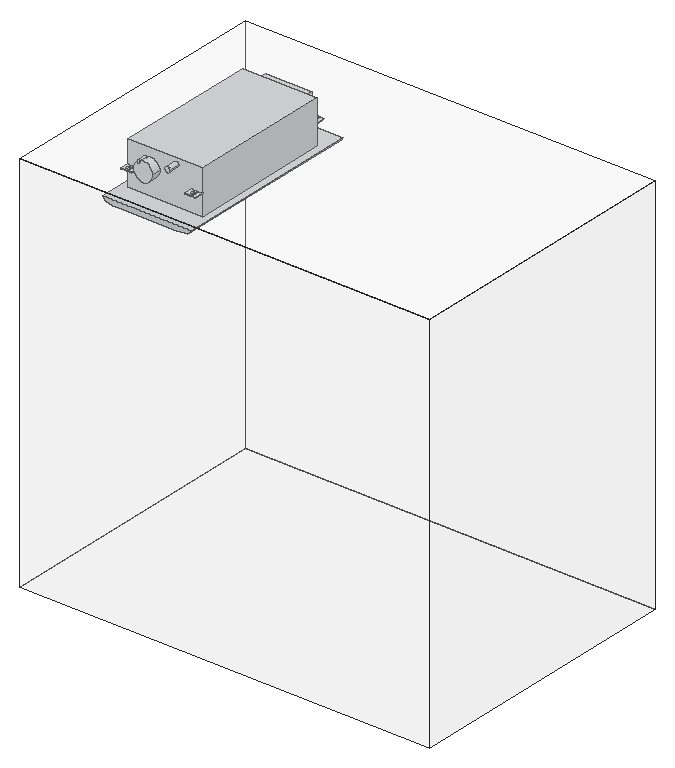
Revit family "pmfy-mp22_45bm_50Hz", category 機械設備, Revit 2019
Family settings
  丸型コネクタ寸法 = 直径を使用
  パーツ タイプ = 標準
  OmniClass 番号 = 23.75.10.24.21.27.27
  OmniClass タイトル = Split System Air Conditioning Units
  作業面ベース = いいえ
  常に垂直 = はい
  ロード時にボイドで切り取り = いいえ
  共有 = いいえ
  部屋計算ポイント = はい
Parameters (values of type "天井1方向_PMFY-MP22BM")
  風量_強 (㎥/min) = 8.7
  風量_弱 (㎥/min) = 6.5
  風量_中2 (㎥/min) = 7.2
  風量_中 (㎥/min) = 8
  風量 = MAX風量  # 522.0 m³/h
  音響パワーレベル_強 (dB) = 50
  音響パワーレベル_弱 (dB) = 43
  音響パワーレベル_中2 (dB) = 45
  音響パワーレベル_中 (dB) = 48
  音響パワーレベル (dB) = [音響パワーレベル_強 (dB)]  # 50
  電源種別 = ""
  電源_H = 0 mm
  電圧 = 200 V
  電動機出力_送風機 = 0.028 kW
  運転質量 = 0.00 kg
  連動 = ""
  質量 = if(製品質量 > 運転質量, 製品質量, 運転質量) * 1.2  # 21.60 kg
  負荷分類 = 3_ファン類
  製品質量_本体 = 15.00 kg
  製品質量_パネル = 3.00 kg
  構成品番 = "PMFY-MP22BM"
  冷媒液管位置-Z = 96 mm
  冷媒液管位置-Y = 43 mm
  冷媒液管位置-X = 254 mm
  冷媒ガス管位置-Z = 176 mm
  冷媒ガス管位置-Y = 46 mm
  冷媒ガス管位置-X = 302 mm
  ドレン管径 (外径) = 26.00 mm
  ドレン管位置-Z = 198 mm
  ドレン管位置-Y = 56 mm
  ドレン管位置-X = 141 mm
  サービススペース = yes
  【値が 0 の項目は組合せ形名にてご確認ください】 = ""
  URL = "https://www.mitsubishielectric.co.jp/ldg/wink/ssl/top.do"
  Panel Width = 1000 mm
  Panel Height = 30 mm
  Panel Depth = 470 mm
  MIN風量 = [風量_弱 (㎥/min)] * 60.0 m³/h  # 390.0 m³/h
  MID風量 = [風量_中 (㎥/min)] * 60.0 m³/h  # 480.0 m³/h
  MID2風量 = [風量_中2 (㎥/min)] * 60.0 m³/h  # 432.0 m³/h
  MAX風量 = [風量_強 (㎥/min)] * 60.0 m³/h  # 522.0 m³/h
  説明 = "ビル用マルチエアコン 室内ユニット 1方向天井カセット形"
  設計暖房能力 = 0.00 kW
  設計冷房能力_顕熱 = 0.00 kW
  設計冷房能力 = 0.00 kW
  設置方法 = "カセット形"
  記号 = ""
  製造元 = "三菱電機株式会社"
  製品質量 = 製品質量_本体 + 製品質量_パネル  # 18.00 kg
  製品出荷対象 = "国内"
  製品リリース年月 = ""
  製品グループ = ""
  系統 = ""
  符号 = "ACP-CK1"
  積算_科目 = "1 空気調和設備"
  積算_拾い区分 [instance] = ""
  相 = 1
  盤記号 = ""
  発停方法 = "付属スイッチ"
  特殊仕様 = ""
  火災停止 = ""
  消費電力_暖房 = 0.035 kW
  消費電力_冷房 = 0.035 kW
  消費電力 = if(消費電力_冷房 > 消費電力_暖房, 消費電力_冷房, 消費電力_暖房)  # 0.035 kW
  法定耐用年数 = "6"
  極数 = 1
  材質 = ""
  本体マテリアル = none
  有効加湿量 = 0
  暖房能力 = 2.50 kW
  推奨ブレーカー容量 = 0 A
  形式_加湿器 = ""
  形式 = "1方向天井カセット形"
  幹線記号 = ""
  始動方式 = "直入"
  呼称 = "パッケージ形空気調和機_室内機"
  周波数 = 50 Hz
  吊り位置Y = 811 mm
  吊り位置X = 340 mm
  吊りボルト_H = 110 mm
  台数_手元リモコン = ""
  台数_冷媒分岐ユニット = ""
  参照している仕様書等のバージョン = "公共建築工事標準仕様書（機械設備工事編）平成31年度版"
  分類コード = "50053003221010"
  分類グループ = ""
  冷房能力 = 2.20 kW
  冷媒管径符号 = "Ac"
  冷媒管径 = 100.00 mm
  冷媒液管径 = 6.35 mm
  冷媒ガス管径 = 12.70 mm
  企業コード = "108420"
  付属品_フィルター = ""
  付属品 = ""
  仕様書バージョン = "Version1.0"
  Model = ""
  パネルマテリアル = none
  ドレン管径 = 20.00 mm
  コメント [instance] = ""
  ケーブル種類 = ""
  ケーブルサイズ = 0 mm
  Width = 812 mm
  Version = ""
  Uniclass2015Version = "Systems v1.9"
  Uniclass2015Title = "Split coil remote air cooled condensing units"
  Uniclass2015Code = "Pr_70_65_03_84"
  SpecificationReference = ""
  SpecificationDescription = ""
  Revision = ""
  ProductInformation = ""
  OmniClassCode = "23-33 17 13 11"
  IfcTypeProduct = ""
  IfcProduct = ""
  IfcExportType = "AIRCONDITIONINGUNIT"
  IfcExportAs = "IfcUnitaryEquipmentType"
  Height = 230 mm
  Depth = 395 mm
  価格 = 0
  Clearance Top = 235 mm
  Clearance Right = 1500 mm
  Clearance Left = 200 mm
  Clearance Front = 300 mm
  Clearance Bottom = 1800 mm
  Clearance Back = 200 mm
  Author = "三菱電機株式会社"
Types (4, lengths in mm): name | 風量_強 (㎥/min) | 風量_弱 (㎥/min) | 風量_中2 (㎥/min) | 風量_中 (㎥/min) | 風量 | 音響パワーレベル_強 (dB) | 音響パワーレベル_弱 (dB) | 音響パワーレベル_中2 (dB) | 音響パワーレベル_中 (dB) | 音響パワーレベル (dB) | 構成品番 | MIN風量 | MID風量 | MID2風量 | MAX風量 | 消費電力_暖房 | 消費電力_冷房 | 消費電力 | 暖房能力 | 冷房能力
  天井1方向_PMFY-MP22BM | 8.7 | 6.5 | 7.2 | 8 | 522.0 m³/h | 50 | 43 | 45 | 48 | 50 | "PMFY-MP22BM" | 390.0 m³/h | 480.0 m³/h | 432.0 m³/h | 522.0 m³/h | 0.035 kW | 0.035 kW | 0.035 kW | 2.50 kW | 2.20 kW
  天井1方向_PMFY-MP28BM | 9.3 | 7.3 | 8 | 8.6 | 558.0 m³/h | 52 | 47 | 48 | 50 | 52 | "PMFY-MP28BM" | 438.0 m³/h | 516.0 m³/h | 480.0 m³/h | 558.0 m³/h | 0.037 kW | 0.037 kW | 0.037 kW | 3.20 kW | 2.80 kW
  天井1方向_PMFY-MP36BM | 9.3 | 7.3 | 8 | 8.6 | 558.0 m³/h | 52 | 47 | 48 | 50 | 52 | "PMFY-MP36BM" | 438.0 m³/h | 516.0 m³/h | 480.0 m³/h | 558.0 m³/h | 0.037 kW | 0.037 kW | 0.037 kW | 4.00 kW | 3.60 kW
  天井1方向_PMFY-MP45BM | 10.7 | 7.7 | 8.7 | 9.7 | 642.0 m³/h | 55 | 49 | 51 | 53 | 55 | "PMFY-MP45BM" | 462.0 m³/h | 582.0 m³/h | 522.0 m³/h | 642.0 m³/h | 0.045 kW | 0.045 kW | 0.045 kW | 5.00 kW | 4.50 kW
Reference planes
  plane 1 "中心(正面/背面)": y = 0
  plane 2: z = 0
  plane 3 "中心(左/右)": x = 0
  plane 4: x = -197.5
  plane 5: x = 197.5
  plane 6: z = 230
  plane 7: y = -379.5
  plane 8: y = 500
  plane 9: y = -500
  plane 10: y = 405.5
  plane 11: y = -405.5
  plane 12: x = -170
  plane 13: x = 170
  plane 14: y = 300
  plane 15: z = 110
  plane 16: y = 700
  plane 17: y = -800
  plane 18: x = 235
  plane 19: x = -235
  plane 20: x = 1735
  plane 21: x = -435
  plane 22: z = -1800
  plane 23: z = 235
  plane 24: z = -30
  plane 25: y = 432.5
  plane 26: x = 56.5
  plane 27: x = -56.5
  plane 28: x = -104.5
  plane 29: y = -422.5
  plane 30: y = -435.5
  plane 31: y = -425.5
  plane 32: z = 198
  plane 33: z = 176
  plane 34: z = 96
  plane 35: z = 150
  plane 36: x = 73.5
Dimensions and locks
  equal spacing: plane 4, plane 3 "中心(左/右)", plane 5
  "Depth": plane 4 to plane 5
  "Height": plane 6 to level
  equal spacing: plane 8, plane 1 "中心(正面/背面)", plane 9
  "Panel Width": plane 8 to plane 9
  equal spacing: plane 11, plane 1 "中心(正面/背面)", plane 10
  "吊り位置Y": plane 11 to plane 10
  equal spacing: plane 12, plane 3 "中心(左/右)", plane 13
  "吊り位置X": plane 12 to plane 13
  "Clearance Back": plane 16 to plane 8
  "Clearance Front": plane 9 to plane 17
  equal spacing: plane 19, plane 3 "中心(左/右)", plane 18
  "Panel Depth": plane 19 to plane 18
  "Clearance Left": plane 21 to plane 19
  "Clearance Bottom": level to plane 22
  "Clearance Top": plane 23 to level
  "Panel Height": level to plane 24
  "Width": plane 7 to plane 25
  "ドレン管位置-X": plane 26 to plane 5
  "冷媒液管位置-X": plane 27 to plane 5
  "冷媒ガス管位置-X": plane 28 to plane 5
  "冷媒液管位置-Y": plane 29 to plane 7
  "ドレン管位置-Y": plane 30 to plane 7
  "冷媒ガス管位置-Y": plane 7 to plane 31
  "ドレン管位置-Z": plane 32 to plane 2
  "冷媒ガス管位置-Z": plane 33 to plane 2
  "冷媒液管位置-Z": plane 34 to plane 2
  "Clearance Right": plane 18 to plane 20
  aligned and locked: level to plane 2
  aligned and locked: nested 2 to plane 12
  aligned and locked: plane 13 to nested 2
  aligned and locked: plane 10 to nested 2
  aligned and locked: plane 11 to nested 2  (x2)
  aligned and locked: nested 2 to plane 10
  aligned and locked: nested 2 to plane 13
  aligned and locked: plane 12 to nested 2
  aligned and locked: nested 3 to plane 16
  aligned and locked: plane 17 to nested 3
  aligned and locked: plane 20 to nested 3
  aligned and locked: nested 3 to plane 21
  aligned and locked: plane 23 to nested 3
  aligned and locked: plane 22 to nested 3
Nested families
  nested 1: "PMFY-P○○BMG7" at (0, 0, 0), type "PMFY-P○○BMG7"
    with ユニット表示 yes
  nested 2: "固定点" at (-170, -405.5, 110), type "固定点"
    with W 340 mm, D 811 mm
  nested 3: "サービススペース" at (650, -50, -782.5), visible <- "サービススペース", type "サービススペース"
    with Width 2170 mm, Height 2035 mm, Depth 1500 mm
Connectors
  electrical at (73.5, 431.602, 150), driven by "極数", driven by "負荷分類", driven by "電圧", driven by "消費電力"
    settings: on nested 1, index 1, voltage 200 V, apparent load 35 VA, apparent load phase1 0 VA, apparent load phase2 0 VA, apparent load phase3 0 VA, power factor 1, load classification "3_ファン類", number of poles 1, system type 30, power factor state 1, is connector primary yes, connector utility no, sub classification motor no, connector description ""
  piping at (-80.5, -425.5, 136), diameter 100, driven by "冷媒管径", driven by "冷媒管径符号"
    settings: on nested 1, index 2, connector inside diameter 609.60 mm, connector length 0 mm, flow factor 0, pipe flow 0.0 L/s, pressure drop 0.0 Pa, fitting loss kfactor 0, connector angle 0.00°, fixture units 0, engagement length 0 mm, angle of deflection 0.00°, flow configuration 1, flow direction 1, fitting loss method 4, system type 7, joint type 0, gender type 0, connector reference index -1, connector utility 0, adjustable connector no, is connector primary yes, connector description "Ac"
  piping at (56.5, -435.5, 198), diameter 26, driven by "ドレン管径 (外径)"
    settings: on nested 1, index 3, connector inside diameter 609.60 mm, connector length 0 mm, flow factor 0, pipe flow 0.0 L/s, pressure drop 0.0 Pa, fitting loss kfactor 0, connector angle 0.00°, fixture units 0, engagement length 0 mm, angle of deflection 0.00°, flow configuration 1, flow direction 2, fitting loss method 4, system type 16, joint type 0, gender type 0, connector reference index -1, connector utility 0, adjustable connector no, is connector primary no, connector description ""
Definition of nested family "PMFY-P○○BMG7"
  Parameters (values of type "PMFY-P○○BMG7")
    配線取出口サイズ = 30 mm
    電線用ノックアウト穴Z = 150 mm
    電線用ノックアウト穴X = 124 mm
    液配管サイズ = 6.35 mm
    冷媒ガス管位置-Z = 176 mm
    パネル外形-X = 470 mm
    パネル外形-Y = 幅さ + 188 mm  # 1000 mm
    高さ = 230 mm
    奥行き = 395 mm
    吊りボルト_H = 110 mm
    冷媒配管 = 100 mm
    冷媒液管位置-Z = 96 mm
    冷媒液管位置-Y = 43 mm
    冷媒液管位置-X = 254 mm
    冷媒ガス管位置-Y = 46 mm
    冷媒ガス管位置-X = 302 mm
    ユニット表示 [instance] = yes
    ボルトピッチ = 340 mm
    ドレン配管サイズ = 20 mm
    ドレン管位置-Z = 198 mm
    ドレン管位置-Y = 56 mm
    ドレン管位置-X = 141 mm
    ドレン管径 (外径) = 26 mm
    ガス配管サイズ = 12.7 mm
    D = 811 mm
    幅さ = 812 mm
  Reference planes
    plane 1 "中心(正面/背面)": y = 0
    plane 2: z = 0
    plane 3 "中心(左/右)": x = 0
    plane 4: y = 500
    plane 5: y = 379.5
    plane 6: y = -500
    plane 7: x = -235
    plane 8: x = 235
    plane 9: x = -197.5
    plane 10: x = 197.5
    plane 11: y = 432.5
    plane 12: y = -379.5
    plane 13: z = 230
    plane 14: y = 405.5
    plane 15: y = -405.5
    plane 16: x = -170
    plane 17: x = 170
    plane 18: z = 110
    plane 19: z = 111
    plane 20: z = 109
    plane 21: y = -435.5
    plane 22: x = 56.5
    plane 23: z = 198
    plane 24: x = -104.5
    plane 25: x = -56.5
    plane 26: y = -422.5
    plane 27: y = -425.5
    plane 28: z = 176
    plane 29: z = 96
    plane 30: x = 73.5
    plane 31: z = 150
    plane 32: y = 425.5
  Forms (mm)
    Extrusion 1, void
      sketch origin (0, 0, -30) x (0, -1, 0) y (1, 0, 0)
        loop
          line (-500, 195) -> (-290, 195) -> (-290, 125)
          arc (-290, 125) -> (-287.071, 117.929) -> (-280, 115) r 10
          line (-280, 115) -> (280, 115)
          arc (280, 115) -> (287.071, 117.929) -> (290, 125) r 10
          line (290, 125) -> (290, 195) -> (497.5, 195) -> (500, 197.5) -> (-500, 197.5) -> (-500, 195)
      from 0 to 8
    Extrusion 2, solid, visible <- "ユニット表示", detail levels fine
      sketch origin (0, 0, -30) x (0, -1, 0) y (1, 0, 0)
        loop
          line (-280, 129.824) -> (280, 129.824) -> (280, 189.824) -> (-280, 189.824) -> (-280, 129.824)
      from 0 to 8
    Extrusion 3, solid, visible <- "ユニット表示", detail levels fine
      sketch origin (0, 0, 0) x (1, 0, 0) y (0, 1, 0)
        loop
          line (-197.5, 379.5) -> (-197.5, -379.5) -> (197.5, -379.5) -> (197.5, 379.5) -> (-197.5, 379.5)
      from 0 to 230
    Extrusion 4, solid, visible <- "ユニット表示", detail levels fine
      sketch origin (0, 0, 0) x (1, 0, 0) y (0, 0, 1)
        loop
          circle (-80.5, 136) r 50
      from 379.5 to 425.5
    Extrusion 5, solid, visible <- "ユニット表示", detail levels fine
      sketch origin (0, 0, 0) x (1, 0, 0) y (0, 0, 1)
        loop
          circle (-104.5, 176) r 6.35
      from 425.5 to 379.5
    Extrusion 6, solid, visible <- "ユニット表示", detail levels fine
      sketch origin (0, 0, 0) x (1, 0, 0) y (0, 0, 1)
        loop
          circle (-56.5, 96) r 3.175
      from 422.5 to 379.5
    Extrusion 7, solid, visible <- "ユニット表示", detail levels fine
      sketch origin (0, 0, 0) x (1, 0, 0) y (0, 0, 1)
        loop
          circle (73.5, 150) r 15
      from -432.5 to -431.602
    Extrusion 8, solid, visible <- "ユニット表示", detail levels fine
      sketch origin (0, 0, 0) x (1, 0, 0) y (0, 0, 1)
        loop
          circle (56.5, 198) r 13
      from 379.5 to 435.5
    Extrusion 9, solid, visible <- "ユニット表示", detail levels fine
      sketch origin (0, 0, 0) x (1, 0, 0) y (0, 1, 0)
        loop
          line (-142, -425.5) -> (-142, -379.5) -> (-198, -379.5) -> (-198, -425.5) -> (-174, -425.5) -> (-174, -415.5)
          arc (-174, -415.5) -> (-183.963, -405.481) -> (-173.963, -395.5) r 10
          line (-173.963, -395.5) -> (-166.009, -395.5)
          arc (-166.009, -395.5) -> (-156.009, -405.496) -> (-166, -415.5) r 10
          line (-166, -415.5) -> (-166, -425.5) -> (-142, -425.5)
        loop
          line (142, -379.5) -> (142, -425.5) -> (166, -425.5) -> (166, -415.5)
          arc (166, -415.5) -> (156.009, -405.496) -> (166.009, -395.5) r 10
          line (166.009, -395.5) -> (173.963, -395.5)
          arc (173.963, -395.5) -> (183.963, -405.481) -> (174, -415.5) r 10
          line (174, -415.5) -> (174, -425.5) -> (198, -425.5) -> (198, -379.5) -> (142, -379.5)
        loop
          line (-142, 379.5) -> (-142, 425.5) -> (-166, 425.5) -> (-166, 415.5)
          arc (-166, 415.5) -> (-156.009, 405.496) -> (-166.009, 395.5) r 10
          line (-166.009, 395.5) -> (-173.963, 395.5)
          arc (-173.963, 395.5) -> (-183.963, 405.481) -> (-174, 415.5) r 10
          line (-174, 415.5) -> (-174, 425.5) -> (-198, 425.5) -> (-198, 379.5) -> (-142, 379.5)
        loop
          line (142, 425.5) -> (142, 379.5) -> (198, 379.5) -> (198, 425.5) -> (174, 425.5) -> (174, 415.5)
          arc (174, 415.5) -> (183.963, 405.481) -> (173.963, 395.5) r 10
          line (173.963, 395.5) -> (166.009, 395.5)
          arc (166.009, 395.5) -> (156.009, 405.496) -> (166, 415.5) r 10
          line (166, 415.5) -> (166, 425.5) -> (142, 425.5)
      from 109 to 111
    Extrusion 10, solid, visible <- "ユニット表示", detail levels fine
      sketch origin (0, 0, 0) x (1, 0, 0) y (0, 0, 1)
        loop
          line (-149.931, -30) -> (158.916, -30)
          arc (158.916, -30) -> (178.298, -28.765) -> (197.5, -25.851) r 223.291
          arc (197.5, -25.851) -> (205.218, -24.191) -> (212.873, -22.259) r 223.291
          arc (212.873, -22.259) -> (224.339, -16.257) -> (232.21, -5.984) r 30
          line (232.21, -5.984) -> (235, 0) -> (-235, 0) -> (-232.21, -5.984)
          arc (-232.21, -5.984) -> (-224.339, -16.257) -> (-212.873, -22.259) r 30
          arc (-212.873, -22.259) -> (-181.678, -28.376) -> (-149.931, -30) r 223.291
      from -500 to 500
    Extrusion 11, solid, visible <- "ユニット表示", detail levels fine
      sketch origin (0, 0, 0) x (1, 0, 0) y (0, 0, 1)
        loop
          line (-118.5, 210) -> (-118.5, 0) -> (128.5, 0) -> (128.5, 210) -> (-118.5, 210)
      from -432.5 to -379.5
  Cuts and joins
    Extrusion 1 cuts Extrusion 10
  Lines and regions (mm)
    model lines, visible <- "ユニット表示", detail levels fine
      curve 1: line (115, -280, -30) -> (115, 0, -30)
      curve 2: line (95, -500, -30) -> (95, 500, -30)
      curve 3: line (80, 500, -30) -> (80, -500, -30)
      curve 4: line (65, 500, -30) -> (65, -500, -30)
      curve 5: line (50, 500, -30) -> (50, -500, -30)
      curve 6: line (35, 500, -30) -> (35, -500, -30)
      curve 7: line (20, 500, -30) -> (20, -500, -30)
      curve 8: line (-134.931, -500, -30) -> (-134.931, 500, -30)
      curve 9: line (-119.931, -500, -30) -> (-119.931, 500, -30)
      curve 10: line (-104.931, -500, -30) -> (-104.931, 500, -30)
      curve 11: line (-119.931, 500, -30) -> (-119.931, -500, -30)
      curve 12: line (-89.931, -500, -30) -> (-89.931, 500, -30)
      curve 13: line (-74.931, -500, -30) -> (-74.931, 500, -30)
    symbolic lines, detail levels coarse+medium
      curve 14: line (-235, 500, 0) -> (235, 500, 0)
      curve 15: line (-235, -500, 0) -> (-235, 500, 0)
      curve 16: line (235, -500, 0) -> (-235, -500, 0)
      curve 17: line (235, 500, 0) -> (235, -500, 0)
  Dimensions and locks
    equal spacing: plane 4, plane 1 "中心(正面/背面)", plane 6
    "パネル外形-Y": plane 4 to plane 6
    equal spacing: plane 9, plane 3 "中心(左/右)", plane 10
    "奥行き": plane 9 to plane 10
    "パネル外形-X": plane 7 to plane 8
    "幅さ": plane 11 to plane 12
    "高さ": plane 13 to level
    equal spacing: plane 14, plane 1 "中心(正面/背面)", plane 15
    "D": plane 14 to plane 15
    "吊りボルト_H": level to plane 18
    plane 20 to plane 19 = 2 mm
    plane 14 to plane 5 = 26 mm
    plane 12 to plane 15 = 26 mm
    equal spacing: plane 16, plane 3 "中心(左/右)", plane 17
    "ボルトピッチ": plane 16 to plane 17
    "ドレン管位置-Y": plane 12 to plane 21
    "ドレン管位置-X": plane 22 to plane 10
    "ドレン管位置-Z": plane 23 to level
    "冷媒ガス管位置-X": plane 24 to plane 10
    "冷媒液管位置-X": plane 25 to plane 10
    "冷媒ガス管位置-Y": plane 12 to plane 27
    "冷媒液管位置-Y": plane 12 to plane 26
    "冷媒ガス管位置-Z": plane 28 to level
    plane 19 to plane 20 = 2 mm
    "電線用ノックアウト穴Z": level to plane 31
    "冷媒液管位置-Z": plane 29 to level
    "電線用ノックアウト穴X": plane 30 to plane 10
    plane 5 to plane 12 = 759 mm
    plane 32 to plane 14 = 20 mm
    plane 15 to plane 27 = 20 mm
    aligned and locked: level to plane 2
    aligned and locked: curve 17 to plane 8
    aligned and locked: plane 7 to curve 15
    aligned and locked: plane 13 to Extrusion 3
    aligned and locked: Extrusion 3 to plane 9
    aligned and locked: Extrusion 3 to plane 10
  Automatic sketch dimensions
    curve 8 to curve 9 = 15 mm
    curve 11 to curve 9 = 0 mm
    curve 9 to curve 10 = 15 mm
    curve 10 to curve 12 = 15 mm
    curve 12 to curve 13 = 15 mm
    curve 13 to curve 7 = 94.931 mm
    curve 7 to curve 6 = 15 mm
    curve 6 to curve 5 = 15 mm
    curve 5 to curve 4 = 15 mm
    curve 4 to curve 3 = 15 mm
    curve 3 to curve 2 = 15 mm
    Extrusion 1 sketch curve to plane 4 = 0 mm
    Extrusion 1 sketch curve to plane 6 = 0 mm
    Extrusion 1 sketch curve to plane 5 = 89.5 mm
    Extrusion 1 sketch curve to Extrusion 1 sketch curve = 10 mm  (x2)
    plane 6 to Extrusion 1 sketch curve = 2.5 mm
    plane 3 "中心(左/右)" to Extrusion 1 sketch curve = 115 mm
    Extrusion 1 sketch curve to Extrusion 1 sketch curve = 70 mm  (x2)
    Extrusion 1 sketch curve to Extrusion 1 sketch curve = 2.5 mm
    Extrusion 2 sketch curve to plane 5 = 99.5 mm
    plane 3 "中心(左/右)" to Extrusion 2 sketch curve = 129.824 mm
    Extrusion 2 sketch curve to Extrusion 2 sketch curve = 60 mm
    plane 6 to Extrusion 1 sketch curve = 220 mm
    plane 6 to Extrusion 2 sketch curve = 220 mm
    curve 16 to plane 6 = 0 mm
    curve 15 to plane 4 = 0 mm
    Extrusion 3 sketch curve to plane 9 = 0 mm
    Extrusion 3 sketch curve to plane 12 = 0 mm
    Extrusion 3 sketch curve to plane 5 = 0 mm
    Extrusion 3 sketch curve to plane 17 = 27.5 mm
    Extrusion 4 sketch curve to plane 24 = 24 mm
    Extrusion 4 sketch curve to plane 31 = 14 mm
    plane 24 to Extrusion 5 sketch curve = 0 mm
    Extrusion 5 sketch curve to plane 28 = 0 mm
    plane 25 to Extrusion 6 sketch curve = 0 mm
    Extrusion 6 sketch curve to plane 29 = 0 mm
    plane 30 to Extrusion 7 sketch curve = 0 mm
    Extrusion 7 sketch curve to plane 31 = 0 mm
    plane 22 to Extrusion 8 sketch curve = 0 mm
    Extrusion 8 sketch curve to plane 23 = 0 mm
    Extrusion 9 sketch curve to plane 27 = 0 mm  (x4)
    Extrusion 9 sketch curve to plane 12 = 0 mm  (x2)
    Extrusion 9 sketch curve to plane 15 = 0 mm  (x4)
    Extrusion 9 sketch curve to plane 9 = 0.5 mm  (x2)
    Extrusion 9 sketch curve to plane 16 = 4 mm  (x2)
    Extrusion 9 sketch curve to plane 16 = 3.963 mm  (x2)
    plane 16 to Extrusion 9 sketch curve = 3.991 mm  (x2)
    plane 16 to Extrusion 9 sketch curve = 4 mm  (x2)
    plane 16 to Extrusion 9 sketch curve = 28 mm  (x2)
    plane 26 to Extrusion 9 sketch curve = 7 mm  (x2)
    plane 17 to Extrusion 9 sketch curve = 28 mm  (x2)
    plane 17 to Extrusion 9 sketch curve = 4 mm  (x2)
    plane 17 to Extrusion 9 sketch curve = 3.991 mm  (x2)
    Extrusion 9 sketch curve to plane 17 = 3.963 mm  (x2)
    Extrusion 9 sketch curve to plane 17 = 4 mm  (x2)
    Extrusion 9 sketch curve to plane 10 = 0.5 mm  (x2)
    Extrusion 9 sketch curve to plane 32 = 0 mm  (x4)
    Extrusion 9 sketch curve to plane 5 = 0 mm  (x2)
    Extrusion 9 sketch curve to plane 14 = 0 mm  (x4)
    Extrusion 9 sketch curve to plane 14 = 10 mm  (x2)
    Extrusion 10 sketch curve to Extrusion 10 sketch curve = 0 mm  (x2)
    Extrusion 10 sketch curve to level = 0 mm
    Extrusion 10 sketch curve to plane 7 = 0 mm
    plane 10 to Extrusion 10 sketch curve = 0 mm
    Extrusion 10 sketch curve to plane 8 = 0 mm
    plane 7 to Extrusion 10 sketch curve = 2.79 mm
    Extrusion 10 sketch curve to plane 9 = 7.52 mm
    Extrusion 10 sketch curve to plane 23 = 4.754 mm  (x2)
    plane 16 to Extrusion 10 sketch curve = 15.576 mm
    plane 16 to Extrusion 10 sketch curve = 20.069 mm
    plane 17 to Extrusion 10 sketch curve = 15.576 mm
    plane 17 to Extrusion 10 sketch curve = 11.084 mm
    Extrusion 10 sketch curve to plane 10 = 7.52 mm
    Extrusion 10 sketch curve to plane 8 = 2.79 mm
    Extrusion 10 sketch curve to level = 5.984 mm  (x2)
    Extrusion 10 sketch curve to level = 30 mm
    level to Extrusion 10 sketch curve = 6.695 mm  (x2)
    curve 13 to plane 4 = 0 mm
    curve 8 to plane 4 = 0 mm
    curve 12 to plane 4 = 0 mm
    curve 2 to plane 4 = 0 mm
    curve 3 to plane 4 = 0 mm
    curve 11 to plane 4 = 0 mm
    curve 4 to plane 4 = 0 mm
    curve 10 to plane 4 = 0 mm
    curve 5 to plane 4 = 0 mm
    curve 9 to plane 4 = 0 mm
    curve 6 to plane 4 = 0 mm
    curve 7 to plane 4 = 0 mm
    plane 1 "中心(正面/背面)" to curve 1 = 0 mm
    curve 8 to plane 6 = 0 mm
    curve 6 to plane 6 = 0 mm
    curve 9 to plane 6 = 0 mm
    curve 5 to plane 6 = 0 mm
    curve 10 to plane 6 = 0 mm
    curve 4 to plane 6 = 0 mm
    curve 3 to plane 6 = 0 mm
    curve 11 to plane 6 = 0 mm
    curve 12 to plane 6 = 0 mm
    curve 2 to plane 6 = 0 mm
    curve 13 to plane 6 = 0 mm
    curve 7 to plane 6 = 0 mm
    plane 24 to curve 8 = 30.431 mm
    curve 1 to plane 30 = 41.5 mm
    plane 12 to curve 1 = 99.5 mm
    Extrusion 11 sketch curve to level = 0 mm
    plane 24 to Extrusion 11 sketch curve = 14 mm
    plane 17 to Extrusion 11 sketch curve = 41.5 mm
    plane 23 to Extrusion 11 sketch curve = 12 mm
    radius of Extrusion 4 sketch curve = 50 mm
    radius of Extrusion 5 sketch curve = 6.35 mm
    radius of Extrusion 6 sketch curve = 3.175 mm
    radius of Extrusion 7 sketch curve = 15 mm
    radius of Extrusion 8 sketch curve = 13 mm
Definition of nested family "サービススペース"
  Parameters
    Width [instance] = 500 mm
    Height [instance] = 500 mm
    Depth [instance] = 500 mm
  Reference planes
    plane 1 "中心(正面/背面)": y = 0
    plane 2: z = 0
    plane 3 "中心(左/右)": x = 0
    plane 4: y = -250
    plane 5: x = 250
    plane 6: y = 250
    plane 7: x = -250
    plane 8: z = 250
    plane 9: z = -250
  Forms (mm)
    Extrusion 1, solid
      sketch origin (-638.939, 0, 72.39) x (1, 0, 0) y (0, 1, 0)
        loop
          line (388.939, 250) -> (388.939, -250) -> (888.939, -250) -> (888.939, 250) -> (388.939, 250)
      from -322.39 to 177.61
  Lines and regions (mm)
    symbolic lines
      curve 1: line (-250, 0, 250) -> (250, 0, 250)
      curve 2: line (-250, 0, -250) -> (-250, 0, 250)
      curve 3: line (250, 0, -250) -> (-250, 0, -250)
      curve 4: line (250, 0, 250) -> (250, 0, -250)
      curve 5: line (0, -250, 250) -> (0, 250, 250)
      curve 6: line (0, -250, -250) -> (0, -250, 250)
      curve 7: line (0, 250, -250) -> (0, -250, -250)
      curve 8: line (0, 250, 250) -> (0, 250, -250)
      curve 9: line (-250, 250, 0) -> (250, 250, 0)
      curve 10: line (-250, -250, 0) -> (-250, 250, 0)
      curve 11: line (250, -250, 0) -> (-250, -250, 0)
      curve 12: line (250, 250, 0) -> (250, -250, 0)
  Dimensions and locks
    equal spacing: plane 7, plane 3 "中心(左/右)", plane 5
    equal spacing: plane 4, plane 1 "中心(正面/背面)", plane 6
    "Depth": plane 4 to plane 6
    "Width": plane 7 to plane 5
    equal spacing: plane 8, plane 2, plane 9
    "Height": plane 8 to plane 9
    aligned and locked: plane 9 to curve 3
    aligned and locked: plane 7 to curve 2
    aligned and locked: curve 4 to plane 5
    aligned and locked: plane 5 to Extrusion 1
    aligned and locked: Extrusion 1 to plane 7
    aligned and locked: Extrusion 1 to plane 9
    aligned and locked: plane 8 to Extrusion 1
    aligned and locked: plane 9 to curve 7
  Automatic sketch dimensions
    plane 4 to Extrusion 1 sketch curve = 0 mm
    Extrusion 1 sketch curve to plane 7 = 0 mm
    Extrusion 1 sketch curve to plane 5 = 0 mm
    plane 6 to Extrusion 1 sketch curve = 0 mm
    curve 2 to plane 8 = 0 mm
    plane 4 to curve 11 = 0 mm
    curve 11 to plane 7 = 0 mm
    curve 11 to plane 5 = 0 mm
    plane 6 to curve 10 = 0 mm
    curve 7 to plane 4 = 0 mm
    curve 7 to plane 6 = 0 mm
    curve 6 to plane 8 = 0 mm
Definition of nested family "固定点"
  Parameters (values of type "固定点")
    中心円 = 20 mm
    W [instance] = 1000 mm
    D [instance] = 1000 mm
  Reference planes
    plane 1 "中心(正面/背面)": y = 0
    plane 2: z = 0
    plane 3 "中心(左/右)": x = 0
    plane 4: x = 1000
    plane 5: y = 1000
  Lines and regions (mm)
    symbolic lines, detail levels fine
      curve 1: line (-200, 1000, 0) -> (1200, 1000, 0)
      curve 2: line (-200, 0, 0) -> (1200, 0, 0)
      curve 3: line (0, 1200, 0) -> (0, -200, 0)
      curve 4: line (1000, 1200, 0) -> (1000, -200, 0)
    model lines, detail levels fine
      curve 5: circle (0, 1000, 0) r 10 normal (0, 0, 1)
      curve 6: circle (1000, 1000, 0) r 10 normal (0, 0, 1)
      curve 7: circle (1000, 0, 0) r 10 normal (0, 0, 1)
      curve 8: circle (0, 0, 0) r 10 normal (0, 0, 1)
  Dimensions and locks
    "W": plane 3 "中心(左/右)" to plane 4
    "D": plane 1 "中心(正面/背面)" to plane 5
    "中心円": diameter of curve 5
    "中心円": diameter of curve 8
    "中心円": diameter of curve 7
    "中心円": diameter of curve 6
    aligned and locked: level to plane 2
    aligned and locked: plane 1 "中心(正面/背面)" to curve 2
    aligned and locked: curve 3 to plane 3 "中心(左/右)"
    aligned and locked: curve 4 to plane 4
  Automatic sketch dimensions
    curve 1 to plane 5 = 0 mm
    curve 5 to plane 3 "中心(左/右)" = 0 mm
    plane 1 "中心(正面/背面)" to curve 8 = 0 mm
    curve 8 to plane 3 "中心(左/右)" = 0 mm
    plane 1 "中心(正面/背面)" to curve 7 = 0 mm
    curve 7 to plane 4 = 0 mm
    curve 6 to plane 4 = 0 mm
    curve 5 to plane 5 = 0 mm
    curve 6 to plane 5 = 0 mm
    curve 1 to plane 3 "中心(左/右)" = 200 mm
    curve 2 to plane 3 "中心(左/右)" = 200 mm
    curve 6 to curve 1 = 200 mm
    curve 7 to curve 2 = 200 mm
    plane 1 "中心(正面/背面)" to curve 3 = 200 mm
    plane 1 "中心(正面/背面)" to curve 4 = 200 mm
    curve 6 to curve 4 = 200 mm
    curve 5 to curve 3 = 200 mm
